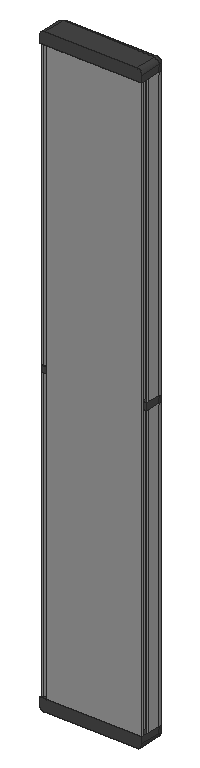
Revit family "JC KONTAKTER JCK247 Armbågskontakt", category Specialty Equipment, host Wall, Revit 2025
Family settings
  Host = Wall
  Round Connector Dimension = Use Diameter
  Part Type = Normal
  Enable Cutting in Views = Yes
  Always vertical = Yes
  Cut with Voids When Loaded = No
  Maintain Annotation Orientation = No
  Shared = No
  Room Calculation Point = No
Parameters (values of type "Armbågskontakt JCK247")
  Tillverkningsland = "Sverige"
  Tekniskt produktblad = "https://jckontakter.se/wp-content/uploads/2019/09/Tekniskt-blad_JCK247-1.pdf"
  Placering av armbågskontakt = "https://jckontakter.se/start/nyheter-och-information/armbagskontakter-placering-riktlinjer/"
  Mikrobrytare = "Standard NO IP67"
  Lägsta märkström = "1mA/4 V DC"
  Core Finish = Aluminum ENAW 6060
  URL = "https://jckontakter.se/produkt/armbagskontakter/armbagskontakt-i-aluminium-jck247/"
  Tillvalsförteckning = "https://jckontakter.se/wp-content/uploads/sites/2/Tillval_metall_2024.pdf"
  Produktvikt = "0.766 kg"
  Nominell märkström = "12 V - Resistive 6A Inductive L/R 5ms 6A, 24 V - Resistive 6A Inductive L/R 5ms 5A"
  Model = "JCK247"
  Manufacturer = "JC Kontakter"  # constant formula
  Lid Finish = Aluminum ENAW 6060
  Keynote = ""
  End Cap Finish = POM Tenac C 4520
  Description = "JCK247 har två tryckytor och är tillverkad i silvereloxerad aluminium med svarta endcaps. Båda tryckytorna är utformade med fyra taktila rillor och fungerar som extra vägledning för personer med synnedsättning. Man kan enkelt känna sig till vart man ska trycka för att aktivera dörröppning.\r\n\r\nJCK247 ingår i en produktserie av armbågskontakter med två tryckytor som är lika stora. Serien är särskilt utvecklad för miljöer med dubbla slagdörrar och gör det möjligt att styra varje dörr separat med en egen tryckknapp. Funktionen bidrar till att minska kallras och drag, samt spar energi jämfört med att båda dörrar åker upp vid varje öppning. Dessa armbågskontakter kan även vara lämpliga i en passage där det finns två ingångar till lokalen."
  Default Elevation = 0 mm
  CE Dokument = "https://jckontakter.se/wp-content/uploads/CE_Dokument.pdf"
  Assembly Code = ""
  Antal mikrobrytare = 2
Types (2, lengths in mm): name | Tekniskt produktblad | URL | Produktvikt | Nominell märkström | Model | Lid Finish | End Cap Finish | Description
  Armbågskontakt JCK247 | "https://jckontakter.se/wp-content/uploads/2019/09/Tekniskt-blad_JCK247-1.pdf" | "https://jckontakter.se/produkt/armbagskontakter/armbagskontakt-i-aluminium-jck247/" | "0.766 kg" | "12 V - Resistive 6A Inductive L/R 5ms 6A, 24 V - Resistive 6A Inductive L/R 5ms 5A" | "JCK247" | Aluminum ENAW 6060 | POM Tenac C 4520 | "JCK247 har två tryckytor och är tillverkad i silvereloxerad aluminium med svarta endcaps. Båda tryckytorna är utformade med fyra taktila rillor och fungerar som extra vägledning för personer med synnedsättning. Man kan enkelt känna sig till vart man ska trycka för att aktivera dörröppning.\r\n\r\nJCK247 ingår i en produktserie av armbågskontakter med två tryckytor som är lika stora. Serien är särskilt utvecklad för miljöer med dubbla slagdörrar och gör det möjligt att styra varje dörr separat med en egen tryckknapp. Funktionen bidrar till att minska kallras och drag, samt spar energi jämfört med att båda dörrar åker upp vid varje öppning. Dessa armbågskontakter kan även vara lämpliga i en passage där det finns två ingångar till lokalen."
  Armbågskontakt JCK257 | "https://jckontakter.se/wp-content/uploads/2019/09/Tekniskt-blad_JCK257-1.pdf" | "https://jckontakter.se/produkt/armbagskontakter/armbagskontakt-i-aluminium-jck257/" | "0.766 kg." | "0,1A - 10 A/250 V AC" | "JCK257" | Aluminum ENAW 6060 (Svart) | POM Tenac C 4520 (Vit) | "JCK257 har två tryckytor och är tillverkad i silvereloxerad aluminium med svarta endcaps. Båda tryckytorna är utformade med fyra taktila rillor och fungerar som extra vägledning för personer med synnedsättning. Man kan enkelt känna sig till vart man ska trycka för att aktivera dörröppning.\r\n\r\nJCK247 ingår i en produktserie av armbågskontakter med två tryckytor som är lika stora. Serien är särskilt utvecklad för miljöer med dubbla slagdörrar och gör det möjligt att styra varje dörr separat med en egen tryckknapp. Funktionen bidrar till att minska kallras och drag, samt spar energi jämfört med att båda dörrar åker upp vid varje öppning. Dessa armbågskontakter kan även vara lämpliga i en passage där det finns två ingångar till lokalen."
Reference planes
  plane 1 "Wall": y = 0
  plane 2 "Center (Left/Right)": x = 125
  plane 3 "Back": y = 75
  plane 4 "A": z = 800
Lines and regions (mm)
  Masking region 1
    outline origin (0, 0, -34) x (1, 0, 0) y (0, 0, 1)
      loop
        line (175, 1145) -> (75, 1145) -> (75, 834) -> (175, 834) -> (175, 1145)
  symbolic lines
    curve 1: line (75, 125, 0) -> (175, 125, 0)
    curve 2: line (75, 75, 0) -> (75, 125, 0)
    curve 3: line (175, 75, 0) -> (75, 75, 0)
    curve 4: line (175, 125, 0) -> (175, 75, 0)
Text (mm)
  text "Placement Side" at (-1848.837, 1116.779, 0), in view "Ref. Level"
  text "Placement side" at (0, 1409.804, 2854.306), in view "Left"
  text "Placement side" at (0, 499.811, 2980.732), in view "Right"
Dimensions and locks
  locked: plane 3 "Back" to host wall
  locked: curve 3 to curve 1 at 50
  aligned and locked: plane 1 "Wall" to host wall
  aligned and locked: nested 1 to plane 3 "Back"
  aligned and locked: curve 3 to plane 3 "Back"
Nested families
  nested 1: "AK_247" at (125, 75, 800) x (-1, 0, 0) z (0, 0, 1), type "AK 247", detail levels medium+fine
Definition of nested family "AK_247"
  Parameters (values of type "AK 247")
    Core Finish = none
    URL = ""
    Model = ""
    Manufacturer = "JC Kontakter"  # constant formula
    Lid Finish = none
    End Cap Finish = none
    Description = ""
    Default Elevation = 0 mm
  Reference planes
    plane 1 "Center (Front/Back)": y = 0
    plane 2: z = 0
    plane 3 "Center (Left/Right)": x = 0
    plane 4 "1": x = 40
    plane 5 "A": z = 9
    plane 6 "B": z = 468
    plane 7 "C": z = 236
  Forms (mm)
    Extrusion 1, solid, material <- "Core Finish"
      sketch origin (40, 0, 9) x (1, 0, 0) y (0, 1, 0)
        loop
          line (-80, 0) -> (-80, -1.2) -> (-75, -1.2) -> (-75, -8.75) -> (-73.2, -8.75) -> (-73.2, -1.2) -> (-11.2, -1.2) -> (-11.2, -8.75) -> (-2.249, -8.75)
          arc (-2.249, -8.75) -> (-3.331, -3.54) -> (-8.11, -1.2) r 6.05
          line (-8.11, -1.2) -> (-5.54, -1.2) -> (-5.54, 0) -> (-80, 0)
      from 0 to 459
    Extrusion 2, solid, material <- "Lid Finish"
      sketch origin (-40, 0, 9) x (-1, 0, 0) y (0, -1, 0)
        loop
          line (-3.92, 11.41) -> (-0.92, 6.4) -> (0, 6.4) -> (0, 16.83)
          arc (0, 16.83) -> (-1.464, 20.366) -> (-5, 21.83) r 5
          line (-5, 21.83) -> (-8, 21.83) -> (-8, 22.83) -> (-10, 22.83) -> (-10, 21.83) -> (-14, 21.83) -> (-14, 22.83) -> (-16, 22.83) -> (-16, 21.83) -> (-20, 21.83) -> (-20, 22.83) -> (-22, 22.83) -> (-22, 21.83) -> (-26, 21.83) -> (-26, 22.83) -> (-28, 22.83) -> (-28, 21.83) -> (-75, 21.83)
          arc (-75, 21.83) -> (-78.536, 20.366) -> (-80, 16.83) r 5
          line (-80, 16.83) -> (-80, 2.38) -> (-78.4, 2.38) -> (-78.4, 11.41) -> (-3.92, 11.41)
      from 0 to 227
    Extrusion 3, solid, material <- "End Cap Finish"
      sketch origin (-40, 0, 0) x (1, 0, 0) y (0, 1, 0)
        loop
          arc (0, -16.83) -> (1.464, -20.366) -> (5, -21.83) r 5
          line (5, -21.83) -> (75, -21.83)
          arc (75, -21.83) -> (78.536, -20.366) -> (80, -16.83) r 5
          line (80, -16.83) -> (80, 0) -> (0, 0) -> (0, -16.83)
      from 0 to 9
    Sweep 4, void
      path origin (0, 0, 0) x (1, 0, 0) y (0, 1, 0)
        loop
          line (42, 0) -> (42, -16.83)
          arc (42, -16.83) -> (39.95, -21.78) -> (35, -23.83) r 7
          line (35, -23.83) -> (-35, -23.83)
          arc (-35, -23.83) -> (-39.95, -21.78) -> (-42, -16.83) r 7
          line (-42, -16.83) -> (-42, 0)
      profile origin (0, -23.83, 0) x (0, -1, 0) y (0, 0, 1)
        loop
          line (-1, 4) -> (-2, 4)
          arc (-2, 4) -> (-3.172, 1.172) -> (-6, 0) r 4
          line (-6, 0) -> (-6, -1) -> (-1, -1) -> (-1, 4)
    Extrusion 5, solid, material <- "End Cap Finish"
      sketch origin (0, 0, 468) x (-1, 0, 0) y (0, -1, 0)
        loop
          arc (40, 16.83) -> (38.536, 20.366) -> (35, 21.83) r 5
          line (35, 21.83) -> (-35, 21.83)
          arc (-35, 21.83) -> (-38.536, 20.366) -> (-40, 16.83) r 5
          line (-40, 16.83) -> (-40, 0) -> (40, 0) -> (40, 16.83)
      from 0 to 9
    Sweep 6, void
      path origin (0, 0, 468) x (-1, 0, 0) y (0, -1, 0)
        loop
          line (-42, 0) -> (-42, 16.83)
          arc (-42, 16.83) -> (-39.95, 21.78) -> (-35, 23.83) r 7
          line (-35, 23.83) -> (35, 23.83)
          arc (35, 23.83) -> (39.95, 21.78) -> (42, 16.83) r 7
          line (42, 16.83) -> (42, 0)
      profile origin (0, -23.83, 468) x (0, -1, 0) y (0, 0, 1)
        loop
          line (-1, 5) -> (-1, 10) -> (-6, 10) -> (-6, 9)
          arc (-6, 9) -> (-3.172, 7.828) -> (-2, 5) r 4
          line (-2, 5) -> (-1, 5)
    Extrusion 7, void
      sketch origin (0, 0, 0) x (1, 0, 0) y (0, 1, 0)
        loop
          circle (-31.75, -8.25) r 3.75
        loop
          circle (31.75, -8.25) r 3.75
      from 0 to 4
    Extrusion 8, solid, material <- "Lid Finish"
      sketch origin (0, 0, 236) x (-1, 0, 0) y (0, -1, 0)
        loop
          line (36.08, 11.41) -> (39.08, 6.4) -> (40, 6.4) -> (40, 16.83)
          arc (40, 16.83) -> (38.536, 20.366) -> (35, 21.83) r 5
          line (35, 21.83) -> (32, 21.83) -> (32, 22.83) -> (30, 22.83) -> (30, 21.83) -> (26, 21.83) -> (26, 22.83) -> (24, 22.83) -> (24, 21.83) -> (20, 21.83) -> (20, 22.83) -> (18, 22.83) -> (18, 21.83) -> (14, 21.83) -> (14, 22.83) -> (12, 22.83) -> (12, 21.83) -> (-35, 21.83)
          arc (-35, 21.83) -> (-38.536, 20.366) -> (-40, 16.83) r 5
          line (-40, 16.83) -> (-40, 2.38) -> (-38.4, 2.38) -> (-38.4, 11.41) -> (36.08, 11.41)
      from 5 to 232
    Extrusion 9, solid, material <- "End Cap Finish"
      sketch origin (0, 0, 236) x (-1, 0, 0) y (0, -1, 0)
        loop
          line (-19.5, 16.33) -> (35, 16.33) -> (35, 5) -> (40, 5) -> (40, 16.83)
          arc (40, 16.83) -> (38.536, 20.366) -> (35, 21.83) r 5
          line (35, 21.83) -> (-35, 21.83)
          arc (-35, 21.83) -> (-38.536, 20.366) -> (-40, 16.83) r 5
          line (-40, 16.83) -> (-40, 2) -> (-34.897, 2)
          arc (-34.897, 2) -> (-37.462, 4.894) -> (-37.751, 8.75) r 6.05
          line (-37.751, 8.75) -> (-19.5, 8.75) -> (-19.5, 16.33)
      from 0 to 5
  Cuts and joins
    Sweep 4, Sweep 6, Extrusion 7 cuts Extrusion 3
    Sweep 6 cuts Extrusion 5
  Dimensions and locks
    aligned and locked: level to plane 2
    aligned and locked: plane 6 "B" to Extrusion 8
    aligned and locked: plane 6 "B" to Extrusion 1
